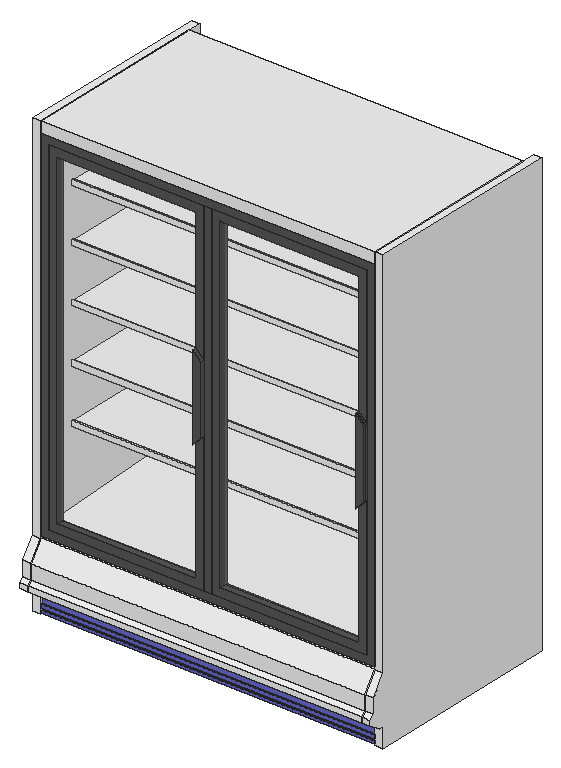
Revit family
Parameters (values of type "RLN-2DR. INNOVATOR II")
  Width = 62"
  Voltage - Electric Defrost [instance] = 208 V
  Voltage [instance] = 120 V
  URL = "www.hussmann.com"
  Type Comments = "LT 2-Door Reach-In Merchandiser"
  Temp Sensor [instance] = "Low Voltage"
  System Control [instance] = "1.00 A"
  Standard Right End Cap On/Off [instance] = yes
  Standard Left End Cap On/Off [instance] = yes
  Revit Family Dates = "4/12/12PMA(0508)"
  Refrig. Suction [instance] = "Suction"
  Refrig. Liquid [instance] = "Liquid"
  Phase [instance] = 1
  Number of Shelves = 0
  Model = "RLN-2"
  Mirrored Right End Cap On/Off [instance] = no
  Mirrored Left End Cap On/Off [instance] = no
  Manufacturer = "Hussmann Corporation"
  MCA (Min Circ Amp) [instance] = 1.69 A
  Linear Shelf Length = 0"
  Height = 82 3/8"
  Front Height = 0"
  Frequency [instance] = 60 Hz
  Finish_Trim [instance] = Stainless Steel 2
  Finish_Top [instance] = none
  Finish_Shelf [instance] = Stainless Steel
  Finish_Mirror [instance] = none
  Finish_Handle = Metal Black-door
  Finish_Glass [instance] = Glass 2
  Finish_Frame = Metal Black-door
  Finish_Door [instance] = Metal Black-door
  Finish_Case [instance] = Stainless Steel
  Finish_Bumper [instance] = Metal Blue-trim
  Finish_Bracket [instance] = none
  Finish_Base [instance] = Stainless Steel
  Elect. Defrost Amps [instance] = "6.72 A"
  Elect. Def. Amps [instance] = 6.72 A
  Drain Heaters [instance] = 0.63 A
  Description 2 = "Impact Merchandiser with Hussmann Innovator II Glass Doors"
  Description = "LT 2-Door Reach-In Merchandiser"
  Depth = 39 3/4"
  Copper-Suction [instance] = Copper
  Copper-Liquid [instance] = Copper
  Condensate Drain Connection [instance] = "1 1/4\" Dia"
  Case Lights Amps [instance] = "1.50 A"
  Case Lights [instance] = 1.5 A
  Case Fans (MCA) [instance] = "1.69 A"
  Assembly Code = ""
Reference planes (in)
  plane 1: z = 0
  plane 2 "Center (Left/Right)": x = -2.11949
  plane 3: x = -33.11949
  plane 4: x = 28.88051
  plane 5: z = 13.375
  plane 6: z = 80.375
  plane 7: z = 82.375
  plane 8: x = -31.61949
  plane 9: x = 27.38051
  plane 10: y = 0
  plane 11: y = -39.75
  plane 12: y = -36.8125
  plane 13: y = -30.625
  plane 14: y = -28
  plane 15: x = -15.11949
  plane 16: y = -30
Forms (in)
  Extrusion 1, solid
    sketch origin (-31.61949, 0, 0) x (0, 1, 0) y (0, 0, 1)
      loop
        line (-33, 78.93638) -> (-33, 77.93638) -> (-30, 77.93638) -> (-30, 78.88401) -> (-33, 78.93638)
    from 0 to 59
  Sweep 2, solid, material "Metal Black-door" <- "Finish_Frame"
    path origin (0, 0, 0) x (1, 0, 0) y (0, 0, 1)
      loop
        line (-33.11949, 80) -> (-33.11949, 13) -> (28.88051, 13) -> (28.88051, 80) -> (-33.11949, 80)
    profile origin (-2.11949, 0, 80) x (0, 0, 1) y (0, -1, 0)
      loop
        line (0, 36.8125) -> (-1.5, 36.8125) -> (-1.5, 35.3125) -> (0, 35.3125) -> (0, 36.8125)
  Extrusion 3, solid, material "Metal Black-door" <- "Finish_Frame"
    sketch origin (-2.11949, 3.1875, 0) x (0, 1, 0) y (0, 0, 1)
      loop
        line (-40, 78.5) -> (-40, 14.5) -> (-38.5, 14.5) -> (-38.5, 78.5) -> (-40, 78.5)
    from 0.75 to -0.75
  Extrusion 4, solid, material "Metal Black-door" <- "Finish_Door"
    sketch origin (0, -36.8125, 0) x (0, 0, 1) y (1, 0, 0)
      loop
        line (78.5, -31.61949) -> (78.5, -2.86949) -> (14.5, -2.86949) -> (14.5, -31.61949) -> (78.5, -31.61949)
      loop
        line (78.5, -1.36949) -> (78.5, 27.38051) -> (14.5, 27.38051) -> (14.5, -1.36949) -> (78.5, -1.36949)
      loop
        line (77, -30.11949) -> (77, -4.36949) -> (16, -4.36949) -> (16, -30.11949) -> (77, -30.11949)
      loop
        line (77, 0.13051) -> (77, 25.88051) -> (16, 25.88051) -> (16, 0.13051) -> (77, 0.13051)
    from 0 to 1.5
  Extrusion 5, solid, material "Glass 2" <- "Finish_Glass"
    sketch origin (0, -35.4425, 0) x (1, 0, 0) y (0, 0, 1)
      loop
        line (-30.11949, 77) -> (-30.11949, 16) -> (-4.36949, 16) -> (-4.36949, 77) -> (-30.11949, 77)
      loop
        line (0.13051, 77) -> (0.13051, 16) -> (25.88051, 16) -> (25.88051, 77) -> (0.13051, 77)
    from 0.13 to -0.13
  Extrusion 6, solid, material "Metal Black-door" <- "Finish_Handle"
    sketch origin (9.78125, 0.0625, 31.9375) x (1, 0, 0) y (0, 0, 1)
      loop
        line (-14.15074, 22.4375) -> (-14.15074, 22.08395) -> (-12.90074, 20.83395) -> (-12.90074, 8.29105) -> (-14.15074, 7.04105) -> (-14.15074, 6.6875) -> (-12.65074, 8.1875) -> (-12.65074, 20.9375) -> (-14.15074, 22.4375)
    from 36.875 to 37.375
  Extrusion 7, solid, material "Metal Black-door" <- "Finish_Handle"
    sketch origin (9.78125, -37.3125, 31.9375) x (1, 0, 0) y (0, 0, 1)
      loop
        line (-12.65074, 20.9375) -> (-14.15074, 22.4375) -> (-14.15074, 6.6875) -> (-12.65074, 8.1875) -> (-12.65074, 20.9375)
    from 0.25 to 0
  Extrusion 8, solid, material "Stainless Steel"
    sketch origin (-31.61949, 0, 0) x (0, 1, 0) y (0, 0, 1)
      loop
        line (0, 4.26162) -> (-33.84766, 4.26162) -> (-33.84766, 0) -> (0, 0) -> (0, 4.26162)
    from 0 to -1.5
  Extrusion 9, solid, material "Stainless Steel"
    sketch origin (27.38051, 0, 0) x (0, 1, 0) y (0, 0, 1)
      loop
        line (0, 4.26162) -> (-33.84766, 4.26162) -> (-33.84766, 0) -> (0, 0) -> (0, 4.26162)
    from 0 to 1.5
  Extrusion 10, solid, material "Stainless Steel"
    sketch origin (-31.61949, 0, 0) x (0, 1, 0) y (0, 0, 1)
      loop
        line (-0.5532, 1.76162) -> (-2.8032, 1.76162) -> (-2.8032, 0) -> (-0.5532, 0) -> (-0.5532, 1.76162)
      loop
        line (-29.125, 1.76162) -> (-29.125, 0) -> (-26.875, 0) -> (-26.875, 1.76162) -> (-29.125, 1.76162)
    from 0 to 59
  Extrusion 11, solid, material "Metal Blue-trim"
    sketch origin (-36.11949, 4.8125, 0) x (0, 1, 0) y (0, 0, 1)
      loop
        line (-38.66016, 4.7871) -> (-39.66016, 5.36445) -> (-39.66016, 4.26162) -> (-41.3125, 4.55297) -> (-41.3125, 1.75) -> (-41.5625, 1.75) -> (-41.5625, 1) -> (-41.3125, 1) -> (-41.3125, 0.75) -> (-41.5625, 0.75) -> (-41.5625, 0.19004) -> (-39.66016, 0.52548) -> (-39.66016, 0) -> (-38.66016, 0) -> (-38.66016, 4.7871)
    from 3 to 65
  Extrusion 12, solid, material "Stainless Steel"
    sketch origin (-36.11949, 0, 0) x (0, 1, 0) y (0, 0, 1)
      loop
        line (-33.84766, 1.76162) -> (0, 1.76162) -> (0, 4.26162) -> (-33.84766, 4.26162) -> (-33.84766, 1.76162)
    from 4.5 to 63.5
  Extrusion 13, solid, material "Stainless Steel"
    sketch origin (-33.11949, 0, 0) x (0, 1, 0) y (0, 0, 1)
      loop
        line (-5, 4.26162) -> (-2.5, 6.76162) -> (-2.5, 82) -> (-36.8125, 82) -> (-36.8125, 80) -> (-5.25, 80) -> (-5.25, 7.94575) -> (-24.32494, 7.27964) -> (-25.55546, 6.04913) -> (-29.05546, 6.04913) -> (-31, 7.99367) -> (-33.25, 7.99367) -> (-33.25, 5.99367) -> (-30.25, 4.26162) -> (-5, 4.26162)
    from 0 to 62
  Extrusion 14, solid, material "Stainless Steel"
    sketch origin (-33.11949, 0, 0) x (0, 1, 0) y (0, 0, 1)
      loop
        line (-29.05546, 6.04913) -> (-25.55546, 6.04913) -> (-24.32494, 7.27964) -> (-7.5, 7.86718) -> (-7.5, 13.65118) -> (-29, 13.65118) -> (-29, 10.65118)
        arc (-29, 10.65118) -> (-29.29289, 9.94407) -> (-30, 9.65118) r 1
        line (-30, 9.65118) -> (-31.25, 9.65118)
        arc (-31.25, 9.65118) -> (-31.95711, 9.94407) -> (-32.25, 10.65118) r 1
        line (-32.25, 10.65118) -> (-32.25, 13) -> (-33.25, 13) -> (-33.25, 7.99367) -> (-31, 7.99367) -> (-29.05546, 6.04913)
    from 0 to 62
  Extrusion 15, solid, material "Stainless Steel"
    sketch origin (-33.11949, 0, 0) x (0, 1, 0) y (0, 0, 1)
      loop
        line (-2.5, 4.26162) -> (0, 4.26162) -> (0, 49.76162) -> (-2.5, 49.76162) -> (-2.5, 4.26162)
    from 0 to 62
  Extrusion 16, solid, material "Stainless Steel"
    sketch origin (-33.11949, 0, 0) x (0, 1, 0) y (0, 0, 1)
      loop
        line (-7.5, 64.08657) -> (-7.5, 68.01162) -> (-8.5, 68.01162) -> (-8.5, 69.01162) -> (-29.5, 69.01162) -> (-29.5, 69.26162) -> (-29.75, 69.26162) -> (-29.75, 68.26162) -> (-29.5, 68.26162) -> (-29.5, 68.76162) -> (-26, 68.76162) -> (-26, 68.51162) -> (-13.81963, 68.51162) -> (-7.5, 64.08657)
      loop
        line (-7.5, 54.08657) -> (-7.5, 58.01162) -> (-8.5, 58.01162) -> (-8.5, 59.01162) -> (-29.5, 59.01162) -> (-29.5, 59.26162) -> (-29.75, 59.26162) -> (-29.75, 58.26162) -> (-29.5, 58.26162) -> (-29.5, 58.76162) -> (-26, 58.76162) -> (-26, 58.51162) -> (-13.81963, 58.51162) -> (-7.5, 54.08657)
      loop
        line (-7.5, 44.08657) -> (-7.5, 48.01162) -> (-8.5, 48.01162) -> (-8.5, 49.01162) -> (-29.5, 49.01162) -> (-29.5, 49.26162) -> (-29.75, 49.26162) -> (-29.75, 48.26162) -> (-29.5, 48.26162) -> (-29.5, 48.76162) -> (-26, 48.76162) -> (-26, 48.51162) -> (-13.81963, 48.51162) -> (-7.5, 44.08657)
      loop
        line (-7.5, 34.08657) -> (-7.5, 38.01162) -> (-8.5, 38.01162) -> (-8.5, 39.01162) -> (-29.5, 39.01162) -> (-29.5, 39.26162) -> (-29.75, 39.26162) -> (-29.75, 38.26162) -> (-29.5, 38.26162) -> (-29.5, 38.76162) -> (-26, 38.76162) -> (-26, 38.51162) -> (-13.81963, 38.51162) -> (-7.5, 34.08657)
      loop
        line (-7.5, 24.08657) -> (-7.5, 28.01162) -> (-8.5, 28.01162) -> (-8.5, 29.01162) -> (-29.5, 29.01162) -> (-29.5, 29.26162) -> (-29.75, 29.26162) -> (-29.75, 28.26162) -> (-29.5, 28.26162) -> (-29.5, 28.76162) -> (-26, 28.76162) -> (-26, 28.51162) -> (-13.81963, 28.51162) -> (-7.5, 24.08657)
      loop
        line (-34.54319, 13.47728) -> (-7.5, 14.89456) -> (-7.5, 15.89593) -> (-34.54319, 14.47866) -> (-34.54319, 13.47728)
    from 0 to 62
  Extrusion 17, solid, material "Stainless Steel"
    sketch origin (-33.11949, 0.25, 0) x (0, 1, 0) y (0, 0, 1)
      loop
        line (-5.5, 80) -> (-33, 80) -> (-33, 78.93638) -> (-7.75, 78.49564) -> (-7.75, 7.85845) -> (-5.5, 7.93702) -> (-5.5, 80)
    from 0 to 62
  Extrusion 18, solid, material "Stainless Steel"
    sketch origin (-33.11949, 4, 0) x (0, 1, 0) y (0, 0, 1)
      loop
        line (-37.25, 13) -> (-40.75, 12.69379) -> (-43.04431, 9.41718) -> (-43.04431, 6.66718) -> (-43.75, 5.96149) -> (-43.75, 5.08872) -> (-42.51777, 4.2259) -> (-40.75, 5.99367) -> (-40.75, 7.99367) -> (-37.25, 7.99367) -> (-37.25, 13)
    from 0 to 62
  Extrusion 19, solid, material "Metal Black-door" <- "Finish_Handle"
    sketch origin (40.03125, 0.0625, 31.9375) x (1, 0, 0) y (0, 0, 1)
      loop
        line (-14.15074, 22.4375) -> (-14.15074, 22.08395) -> (-12.90074, 20.83395) -> (-12.90074, 8.29105) -> (-14.15074, 7.04105) -> (-14.15074, 6.6875) -> (-12.65074, 8.1875) -> (-12.65074, 20.9375) -> (-14.15074, 22.4375)
    from 36.875 to 37.375
  Extrusion 20, solid, material "Metal Black-door" <- "Finish_Handle"
    sketch origin (40.03125, -37.3125, 31.9375) x (1, 0, 0) y (0, 0, 1)
      loop
        line (-12.65074, 20.9375) -> (-14.15074, 22.4375) -> (-14.15074, 6.6875) -> (-12.65074, 8.1875) -> (-12.65074, 20.9375)
    from 0.25 to 0
  Extrusion 21, solid, material "Glass 2"
    sketch origin (-32, 4.15234, 0) x (1, 0, 0) y (0, 1, 0)
      loop
        circle (55.82723, -37) r 0.375
      loop
        circle (55.82723, -37) r 0.36775
      loop
        circle (54.95081, -37) r 0.375
      loop
        circle (54.95081, -37) r 0.36775
      loop
        circle (54.07439, -37) r 0.375
      loop
        circle (54.07439, -37) r 0.36775
      loop
        circle (53.19797, -37) r 0.375
      loop
        circle (53.19797, -37) r 0.36775
      loop
        circle (52.32155, -37) r 0.375
      loop
        circle (52.32155, -37) r 0.36775
    from 4.63662 to 1.75
  Extrusion 22, solid, material "Glass 2"
    sketch origin (-1.5, 3.41819, 0) x (1, 0, 0) y (0, 1, 0)
      loop
        circle (-0.61558, -34.54319) r 0.625
      loop
        circle (-0.61558, -34.54319) r 0.57589
    from 6.42413 to 1.75
  Extrusion 23, solid, material "Copper" <- "Copper-Liquid"
    sketch origin (-32, 4.5, 0) x (1, 0, 0) y (0, 1, 0)
      loop
        circle (54.73782, -34.5) r 0.1875
      loop
        circle (54.73782, -34.5) r 0.17725
    from 4.26162 to 1.32634
  Extrusion 24, solid, material "Copper" <- "Copper-Suction"
    sketch origin (-32, 5.5, 0) x (1, 0, 0) y (0, 1, 0)
      loop
        circle (55.82723, -35.5) r 0.4375
      loop
        circle (55.82723, -35.5) r 0.42774
    from 4.26162 to 1.32634
Cuts and joins
  joined: Extrusion 6, Extrusion 7
Lines and regions (in)
  symbolic lines
    curve 1: line (-33.11949, 0, 0) -> (28.88051, 0, 0)
    curve 2: line (-33.11949, -39.75, 0) -> (-33.11949, 0, 0)
    curve 3: line (28.88051, -39.75, 0) -> (-33.11949, -39.75, 0)
    curve 4: line (28.88051, 0, 0) -> (28.88051, -39.75, 0)
Dimensions and locks (in)
  equal spacing: plane 3, plane 2 "Center (Left/Right)", plane 4
  level to plane 5 to plane 6 to plane 7 = 13 3/8", 67", 2"
  locked: plane 3 to plane 8 at 1.5
  locked: plane 9 to plane 4 at 1.5
  level to plane 7 = 82 3/8"
  plane 7 to level = 82 3/8"
  plane 3 to plane 4 = 62"
  plane 4 to plane 3 = 62"
  plane 9 to plane 8 = 59"
  plane 11 to plane 10 = 39 3/4"
Nested families (in)
  nested 1: "Label Annotation 3-32" at (-2.11949, -7.5, 0), type "Label Annotation 3-32"
  nested 2: "RLN-INNOVATORII_END CAP MIRRORED" at (-31, 0, 0), visible <- "Mirrored Left End Cap On/Off", type "RLN-End Panel Mirrored"
    with Serial Number "N/A", Remarks "N/A", Received By "N/A", Furnished By "N/A", Finish_Trim Stainless Steel 2, Finish_Top none, Finish_Shelf Stainless Steel, Finish_Glass Glass 2, Finish_Door Metal Black-Door, Finish_Case Stainless Steel, Finish_Bumper Metal Blue-trim, Finish_Base Stainless Steel, Final Hookup By "N/A", Assembled By "N/A"
  nested 3: "RLN-INNOVATORII_END CAP MIRRORED" at (32.5, 0, 0), visible <- "Mirrored Right End Cap On/Off", type "RLN-End Panel Mirrored"
    with Serial Number "N/A", Remarks "N/A", Received By "N/A", Furnished By "N/A", Finish_Trim Stainless Steel 2, Finish_Top none, Finish_Shelf Stainless Steel, Finish_Glass Glass 2, Finish_Door Metal Black-Door, Finish_Case Stainless Steel, Finish_Bumper Metal Blue-trim, Finish_Base Stainless Steel, Final Hookup By "N/A", Assembled By "N/A"
  nested 4: "RLN-INNOVATORII_END PANEL" at (-31, 0, 0), visible <- "Standard Left End Cap On/Off", type "RLN-End Panel Mirrored"
    with Serial Number "N/A", Remarks "N/A", Received By "N/A", Furnished By "N/A", Finish_Trim Stainless Steel 2, Finish_Top none, Finish_Shelf Stainless Steel, Finish_Glass Glass 2, Finish_Door Metal Black-Door, Finish_Case Stainless Steel, Finish_Bumper Metal Blue-trim, Finish_Base Stainless Steel, Final Hookup By "N/A", Assembled By "N/A"
  nested 5: "RLN-INNOVATORII_END PANEL" at (32.5, 0, 0), visible <- "Standard Right End Cap On/Off", type "RLN-End Panel Mirrored"
    with Serial Number "N/A", Remarks "N/A", Received By "N/A", Furnished By "N/A", Finish_Trim Stainless Steel 2, Finish_Top none, Finish_Shelf Stainless Steel, Finish_Glass Glass 2, Finish_Door Metal Black-Door, Finish_Case Stainless Steel, Finish_Bumper Metal Blue-trim, Finish_Base Stainless Steel, Final Hookup By "N/A", Assembled By "N/A"
  nested 6: "Case Nodes" at (23.82683, -32.84726, 0), type "Case Nodes"
  nested 7: "Case Nodes" at (23.82802, -30, 0), type "Case Nodes"
  nested 8: "Case Nodes" at (-15.11949, -36.8125, 0), type "Case Nodes"
  nested 9: "Case Nodes" at (-15.11949, -30, 0), type "Case Nodes"
Connectors (in)
  electrical at (23.82723, -32.84766, 1.75), driven by "Phase", driven by "Voltage - Electric Defrost", driven by "Elect. Defrost Amps"
    settings: on Extrusion 21, index 1, voltage 208 V, apparent load 0 VA, apparent load phase1 0 VA, apparent load phase2 0 VA, apparent load phase3 0 VA, power factor 1, load classification "Power", number of poles 1, system type 30, power factor state 1, is connector primary yes, connector utility no, sub classification motor no, connector description "6.72 A"
  electrical at (22.95081, -32.84766, 1.75), driven by "Phase", driven by "Voltage", driven by "Case Fans (MCA)"
    settings: on Extrusion 21, index 2, voltage 120 V, apparent load 0 VA, apparent load phase1 0 VA, apparent load phase2 0 VA, apparent load phase3 0 VA, power factor 1, load classification "Power", number of poles 1, system type 30, power factor state 1, is connector primary no, connector utility no, sub classification motor no, connector description "1.69 A"
  electrical at (22.07439, -32.84766, 1.75), driven by "Phase", driven by "Voltage", driven by "Case Lights Amps"
    settings: on Extrusion 21, index 3, voltage 120 V, apparent load 0 VA, apparent load phase1 0 VA, apparent load phase2 0 VA, apparent load phase3 0 VA, power factor 1, load classification "Lighting", number of poles 1, system type 30, power factor state 1, is connector primary no, connector utility no, sub classification motor no, connector description "1.50 A"
  electrical at (21.19797, -32.84766, 1.75), driven by "System Control"
    settings: on Extrusion 21, index 4, voltage 0 V, apparent load 0 VA, apparent load phase1 0 VA, apparent load phase2 0 VA, apparent load phase3 0 VA, power factor 1, load classification "Other", number of poles 1, system type 13, power factor state 1, is connector primary no, connector utility no, sub classification motor no, connector description "1.00 A"
  electrical at (20.32155, -32.84766, 1.75), driven by "Temp Sensor"
    settings: on Extrusion 21, index 5, voltage 0 V, apparent load 0 VA, apparent load phase1 0 VA, apparent load phase2 0 VA, apparent load phase3 0 VA, power factor 1, load classification "Other", number of poles 1, system type 5, power factor state 1, is connector primary no, connector utility no, sub classification motor no, connector description "Low Voltage"
  piping at (-2.11558, -31.125, 1.75), driven by "Condensate Drain Connection"
    settings: on Extrusion 22, index 8, connector radius 5/8", flow factor 0, pipe flow 0 GPM, pressure drop 0.00 psi, fitting loss kfactor 0, connector angle 0.00°, fixture units 0, flow configuration 0, flow direction 2, fitting loss method 0, system type 16, connector reference index -1, connector utility 0, adjustable connector no, is connector primary yes, fitting loss table "", connector description "1 1/4\" Dia"
  piping at (-2.11949, -17.625, 4.26162)
    settings: on Extrusion 13, index 9, connector radius 12", flow factor 0, pipe flow 0 GPM, pressure drop 0.00 psi, fitting loss kfactor 0, connector angle 0.00°, fixture units 0, flow configuration 0, flow direction 0, fitting loss method 0, system type 22, connector reference index -1, connector utility 0, adjustable connector no, is connector primary no, fitting loss table "", connector description ""
  piping at (23.82723, -30, 1.32634), driven by "Refrig. Suction"
    settings: on Extrusion 24, index 10, connector radius 7/16", flow factor 0, pipe flow 0 GPM, pressure drop 0.00 psi, fitting loss kfactor 0, connector angle 0.00°, fixture units 0, flow configuration 0, flow direction 2, fitting loss method 0, system type 22, connector reference index -1, connector utility 0, adjustable connector no, is connector primary no, fitting loss table "", connector description "Suction"
  piping at (22.73782, -30, 1.32634), driven by "Refrig. Liquid"
    settings: on Extrusion 23, index 11, connector radius 3/16", flow factor 0, pipe flow 0 GPM, pressure drop 0.00 psi, fitting loss kfactor 0, connector angle 0.00°, fixture units 0, flow configuration 0, flow direction 1, fitting loss method 0, system type 22, connector reference index -1, connector utility 0, adjustable connector no, is connector primary no, fitting loss table "", connector description "Liquid"
Definition of nested family "RLN-INNOVATORII_END CAP MIRRORED"
  Parameters (values of type "RLN-End Panel Mirrored")
    Width = 1 1/2"
    Watts = ""
    Volts = ""
    URL = "www.hussmann.com"
    Type Comments = "N/A"
    Telephone = no
    Serial Number [instance] = "N/A"
    Remarks [instance] = "N/A"
    Refrigerant Type = "N/A"
    Received By [instance] = "N/A"
    Prototype = no
    Power = "N/A"
    PO Template = no
    Number of Shelves = 0
    Model = "RLN- Mirrored End Panel"
    Manufacturer = "Hussmann"
    Linear Shelf Length = 0"
    Item = "N/A"
    Install Date - Actual = "N/A"
    Install Data - Projected = "N/A"
    Hot Water = no
    Height = 82"
    HP = ""
    Gas Type = "N/A"
    Gas Pipe Size = "N/A"
    Furnished By [instance] = "N/A"
    Front Height = 0"
    Finish_Trim [instance] = Stainless Steel 2
    Finish_Top [instance] = none
    Finish_Shelf [instance] = Stainless Steel
    Finish_Handle = Metal Black-Door
    Finish_Glass [instance] = Glass 2
    Finish_Frame = Metal Black-Door
    Finish_Door [instance] = Metal Black-Door
    Finish_Case [instance] = Stainless Steel
    Finish_Bumper [instance] = Metal Blue-trim
    Finish_Base [instance] = Stainless Steel
    Final Hookup By [instance] = "N/A"
    Evap Temp = ""
    EMS = no
    Drain Pipe Size = "N/A"
    Divisional Use = "N/A"
    Description 2 = "Impact Merchandiser"
    Description = "Low Temperature Reach-in(Food or Ice Cream)"
    Depth = 39 3/4"
    Data = "N/A"
    Cold Water = no
    Class Code = "N/A"
    Category = "N/A"
    BTU Rating = "N/A"
    Assembly Code = "E1090320"
    Assembled By [instance] = "N/A"
    Amps = ""
    Accessories/Options = "N/A"
  Reference planes (in)
    plane 1 "Center (Front/Back)": y = 0
    plane 2: z = 0
    plane 3: y = -39.75
  Forms (in)
    Extrusion 1, solid, material "Stainless Steel" <- "Finish_Case"
      sketch origin (-3.61949, 0, 0) x (0, 1, 0) y (0, 0, 1)
        loop
          line (0, 82) -> (-36.8125, 82) -> (-36.8125, 12.60453) -> (-39.04431, 9.41718) -> (-39.04431, 6.66718) -> (-39.75, 5.96149) -> (-39.75, 5.08872) -> (-38.19514, 4) -> (-36.75, 4) -> (-36.75, 0) -> (0, 0) -> (0, 82)
      from 0 to 1.5
  Lines and regions (in)
    symbolic lines
      curve 1: line (-3.61949, 0, 0) -> (-2.11949, 0, 0)
      curve 2: line (-3.61949, -39.75, 0) -> (-3.61949, 0, 0)
      curve 3: line (-2.11949, -39.75, 0) -> (-3.61949, -39.75, 0)
      curve 4: line (-2.11949, 0, 0) -> (-2.11949, -39.75, 0)
  Dimensions and locks (in)
    plane 1 "Center (Front/Back)" to Extrusion 1 = 39 3/4"
    plane 3 to plane 1 "Center (Front/Back)" = 39 3/4"
    Extrusion 1 to Extrusion 1 = 1 1/2"
    locked: Extrusion 1 to Extrusion 1 at 1.5  (x2)
    locked: Extrusion 1 to level at 82
    aligned: curve 1 to Extrusion 1  (x2)
    aligned: curve 4 to Extrusion 1  (x2)
Definition of nested family "RLN-INNOVATORII_END PANEL"
  Parameters (values of type "RLN-End Panel")
    Width = 1 1/2"
    Watts = ""
    Volts = ""
    URL = "www.hussmann.com"
    Type Comments = "N/A"
    Telephone = no
    Serial Number [instance] = "N/A"
    Remarks [instance] = "N/A"
    Refrigerant Type = "N/A"
    Received By [instance] = "N/A"
    Prototype = no
    Power = "N/A"
    PO Template = no
    Number of Shelves = 0
    Model = "RLN- Mirrored End Panel"
    Manufacturer = "Hussmann"
    Linear Shelf Length = 0"
    Item = "N/A"
    Install Date - Actual = "N/A"
    Install Data - Projected = "N/A"
    Hot Water = no
    Height = 82"
    HP = ""
    Gas Type = "N/A"
    Gas Pipe Size = "N/A"
    Furnished By [instance] = "N/A"
    Front Height = 0"
    Finish_Trim [instance] = Stainless Steel 2
    Finish_Top [instance] = none
    Finish_Shelf [instance] = Stainless Steel
    Finish_Handle = Metal Black-Door
    Finish_Glass [instance] = Glass 2
    Finish_Frame = Metal Black-Door
    Finish_Door [instance] = Metal Black-Door
    Finish_Case [instance] = Stainless Steel
    Finish_Bumper [instance] = Metal Blue-trim
    Finish_Base [instance] = Stainless Steel
    Final Hookup By [instance] = "N/A"
    Evap Temp = ""
    EMS = no
    Drain Pipe Size = "N/A"
    Divisional Use = "N/A"
    Description 2 = "Impact Merchandiser"
    Description = "Low Temperature Reach-in(Food or Ice Cream)"
    Depth = 39 3/4"
    Data = "N/A"
    Cold Water = no
    Class Code = "N/A"
    Category = "N/A"
    BTU Rating = "N/A"
    Assembly Code = "E1090320"
    Assembled By [instance] = "N/A"
    Amps = ""
    Accessories/Options = "N/A"
  Reference planes (in)
    plane 1 "Center (Front/Back)": y = 0
    plane 2: z = 0
    plane 3: y = -39.75
  Forms (in)
    Extrusion 1, solid, material "Stainless Steel" <- "Finish_Case"
      sketch origin (-3.61949, 0, -0.37544) x (0, 1, 0) y (0, 0, 1)
        loop
          line (0, 82.375) -> (-36.8125, 82.375) -> (-36.8125, 12.97953) -> (-39.04431, 9.79218) -> (-39.04431, 7.04218) -> (-39.75, 6.33649) -> (-39.75, 5.46372) -> (-37.65959, 4) -> (-36.75, 4) -> (-36.75, 0.37544) -> (0, 0.37544) -> (0, 82.375)
      from 0 to 1.5
  Lines and regions (in)
    symbolic lines
      curve 1: line (-3.61949, 0, 0) -> (-2.11949, 0, 0)
      curve 2: line (-3.61949, -39.75, 0) -> (-3.61949, 0, 0)
      curve 3: line (-2.11949, -39.75, 0) -> (-3.61949, -39.75, 0)
      curve 4: line (-2.11949, 0, 0) -> (-2.11949, -39.75, 0)
  Dimensions and locks (in)
    plane 1 "Center (Front/Back)" to Extrusion 1 = 39 3/4"
    plane 3 to plane 1 "Center (Front/Back)" = 39 3/4"
    Extrusion 1 to Extrusion 1 = 1 1/2"
    locked: Extrusion 1 to Extrusion 1 at 1.5  (x2)
    Extrusion 1 to level = 81.99956"
    aligned: curve 1 to Extrusion 1  (x2)
    aligned: curve 4 to Extrusion 1  (x2)
Definition of nested family "Label Annotation 3-32"
  Parameters
    Label = ""
  Reference planes (in)
    plane 1: y = 0
    plane 2: x = 0
  Text (in)
    label "Label" at (0.00375, -0.00345, 0), shows "Label"
Definition of nested family "Case Nodes"
  Reference planes (in)
    plane 1 "Center (Front/Back)": y = 0
    plane 2: z = 0
    plane 3 "Center (Left/Right)": x = 0
  Lines and regions (in)
    model lines, style "InvisibleLines"
      curve 1: line (2.12132, 2.12132, 0) -> (-2.12132, -2.12132, 0)
      curve 2: line (-2.12132, 2.12132, 0) -> (2.12132, -2.12132, 0)
  Dimensions and locks (in)
    aligned and locked: plane 2 to level
